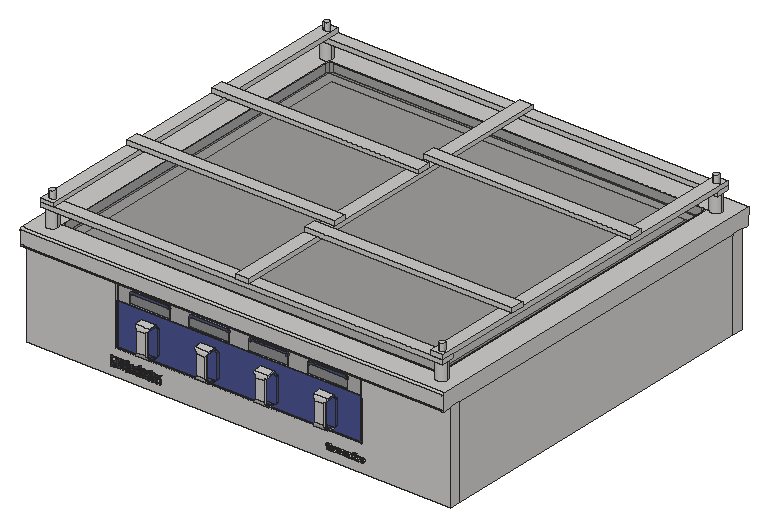
Revit family "QF_ELECTROLUXPROFESSIONAL_589844_MCIDACJODM", category Attrezzature speciali, Revit 2020 (continued)
Definition of nested family "Front_Panel_W1000_4 Knobs"
  Definition of nested family "ELX_Professional_Logo_Small"
    Forms (mm)
      Extrusion 2, solid, material <- "Material_Logo"
        sketch origin (15.5, 0, 0) x (1, 0, 0) y (0, 1, 0)
          loop
            line (-46.121, -5.837) -> (-48.039, -5.837) -> (-48.039, -10.814) -> (-47.016, -10.814) -> (-47.016, -9.128) -> (-46.121, -9.128)
            arc (-46.121, -9.128) -> (-44.476, -7.482) -> (-46.121, -5.837) r 1.645
          loop
            line (-46.163, -6.778) -> (-47.016, -6.778) -> (-47.016, -8.187) -> (-46.163, -8.187)
            arc (-46.163, -8.187) -> (-45.458, -7.482) -> (-46.163, -6.778) r 0.704
          loop
            line (-38.313, -5.837) -> (-40.265, -5.837) -> (-40.265, -10.814) -> (-39.241, -10.814) -> (-39.241, -9.1) -> (-38.46, -9.182) -> (-37.48, -10.814) -> (-36.318, -10.814) -> (-37.513, -8.848)
            arc (-37.513, -8.848) -> (-36.888, -8.266) -> (-36.671, -7.441) r 1.536
            arc (-36.671, -7.441) -> (-37.165, -6.305) -> (-38.313, -5.837) r 1.643
          loop
            arc (-38.402, -8.166) -> (-37.707, -7.505) -> (-38.334, -6.778) r 0.696
            line (-38.334, -6.778) -> (-39.241, -6.778) -> (-39.241, -8.166) -> (-38.402, -8.166)
          loop
            circle (-29.965, -8.325) r 2.585
          loop
            circle (-29.965, -8.325) r 1.64
          loop
            line (-23.1, -5.837) -> (-23.1, -10.814) -> (-22.076, -10.814) -> (-22.076, -8.768) -> (-20.204, -8.768) -> (-20.204, -7.828) -> (-22.076, -7.828) -> (-22.076, -6.778) -> (-20.024, -6.778) -> (-20.024, -5.837) -> (-23.1, -5.837)
          loop
            line (-15.802, -5.837) -> (-15.802, -9.2)
            arc (-15.802, -9.2) -> (-15.343, -10.34) -> (-14.209, -10.814) r 1.593
            line (-14.209, -10.814) -> (-12.602, -10.814) -> (-12.602, -10.027) -> (-14.004, -10.027)
            arc (-14.004, -10.027) -> (-14.552, -9.8) -> (-14.779, -9.252) r 0.775
            line (-14.779, -9.252) -> (-14.779, -8.424) -> (-12.789, -8.424) -> (-12.789, -7.642) -> (-14.779, -7.642) -> (-14.779, -6.778) -> (-12.651, -6.778) -> (-12.651, -5.837) -> (-15.802, -5.837)
          loop
            line (-5.909, -7.143) -> (-5.173, -6.638)
            arc (-5.173, -6.638) -> (-5.855, -5.974) -> (-6.781, -5.755) r 1.782
            arc (-6.781, -5.755) -> (-7.397, -5.878) -> (-7.944, -6.189) r 1.974
            arc (-7.944, -6.189) -> (-8.202, -6.5) -> (-8.317, -6.888) r 1.013
            arc (-8.317, -6.888) -> (-8.306, -7.341) -> (-8.192, -7.78) r 1.985
            arc (-8.192, -7.78) -> (-7.749, -8.259) -> (-7.171, -8.563) r 1.928
            arc (-7.171, -8.563) -> (-6.637, -8.779) -> (-6.131, -9.056) r 5.041
            arc (-6.131, -9.056) -> (-5.934, -9.387) -> (-6.09, -9.74) r 0.42
            arc (-6.09, -9.74) -> (-6.631, -9.96) -> (-7.204, -9.845) r 1.016
            arc (-7.204, -9.845) -> (-7.625, -9.603) -> (-7.889, -9.196) r 1.033
            line (-7.889, -9.196) -> (-8.67, -9.686)
            arc (-8.67, -9.686) -> (-8.361, -10.198) -> (-7.908, -10.589) r 1.914
            arc (-7.908, -10.589) -> (-7.334, -10.834) -> (-6.714, -10.896) r 2.063
            arc (-6.714, -10.896) -> (-5.947, -10.743) -> (-5.256, -10.376) r 2.696
            arc (-5.256, -10.376) -> (-4.95, -9.565) -> (-5.108, -8.712) r 1.618
            arc (-5.108, -8.712) -> (-5.448, -8.319) -> (-5.884, -8.035) r 1.876
            arc (-5.884, -8.035) -> (-6.434, -7.789) -> (-6.999, -7.577) r 9.883
            arc (-6.999, -7.577) -> (-7.325, -7.07) -> (-6.854, -6.694) r 0.45
            arc (-6.854, -6.694) -> (-6.329, -6.809) -> (-5.909, -7.143) r 1.197
          loop
            line (1.61, -7.143) -> (2.345, -6.638)
            arc (2.345, -6.638) -> (1.663, -5.974) -> (0.737, -5.755) r 1.782
            arc (0.737, -5.755) -> (0.121, -5.878) -> (-0.425, -6.189) r 1.974
            arc (-0.425, -6.189) -> (-0.683, -6.5) -> (-0.799, -6.888) r 1.013
            arc (-0.799, -6.888) -> (-0.788, -7.341) -> (-0.674, -7.78) r 1.985
            arc (-0.674, -7.78) -> (-0.231, -8.259) -> (0.347, -8.563) r 1.928
            arc (0.347, -8.563) -> (0.881, -8.779) -> (1.387, -9.056) r 5.041
            arc (1.387, -9.056) -> (1.584, -9.387) -> (1.428, -9.74) r 0.42
            arc (1.428, -9.74) -> (0.887, -9.96) -> (0.314, -9.845) r 1.016
            arc (0.314, -9.845) -> (-0.107, -9.603) -> (-0.371, -9.196) r 1.033
            line (-0.371, -9.196) -> (-1.152, -9.686)
            arc (-1.152, -9.686) -> (-0.842, -10.198) -> (-0.39, -10.589) r 1.914
            arc (-0.39, -10.589) -> (0.184, -10.834) -> (0.804, -10.896) r 2.063
            arc (0.804, -10.896) -> (1.572, -10.743) -> (2.263, -10.376) r 2.696
            arc (2.263, -10.376) -> (2.568, -9.565) -> (2.411, -8.712) r 1.618
            arc (2.411, -8.712) -> (2.07, -8.319) -> (1.635, -8.035) r 1.876
            arc (1.635, -8.035) -> (1.084, -7.789) -> (0.519, -7.577) r 9.883
            arc (0.519, -7.577) -> (0.193, -7.07) -> (0.665, -6.694) r 0.45
            arc (0.665, -6.694) -> (1.189, -6.809) -> (1.61, -7.143) r 1.197
          loop
            line (6.801, -5.837) -> (6.801, -10.814) -> (7.825, -10.814) -> (7.825, -5.837) -> (6.801, -5.837)
          loop
            circle (14.724, -8.325) r 1.548
          loop
            circle (14.724, -8.325) r 2.585
          loop
            line (21.59, -10.814) -> (22.623, -10.814) -> (22.623, -7.685) -> (24.9, -10.814) -> (25.895, -10.814) -> (25.895, -5.837) -> (24.861, -5.837) -> (24.861, -9.061) -> (22.585, -5.837) -> (21.59, -5.837) -> (21.59, -10.814)
          loop
            line (31.054, -10.814) -> (31.539, -9.74) -> (33.38, -9.74) -> (33.865, -10.814) -> (34.965, -10.814) -> (32.46, -5.837) -> (29.956, -10.814) -> (31.054, -10.814)
          loop
            line (32.46, -7.698) -> (31.999, -8.719) -> (32.921, -8.719) -> (32.46, -7.698)
          loop
            line (40.047, -9.873) -> (40.047, -5.837) -> (39.024, -5.837) -> (39.024, -10.814) -> (41.961, -10.814) -> (41.961, -9.873) -> (40.047, -9.873)
          loop
            line (-74.986, -10.814) -> (-53.322, -10.814) -> (-53.322, 10.82) -> (-74.986, 10.82) -> (-74.986, -10.814)
          loop
            line (-61.261, 9.758) -> (-61.261, -9.707)
            arc (-61.261, -9.707) -> (-54.066, 0.025) -> (-61.261, 9.758) r 10.18
          loop
            line (-62.251, 8.349) -> (-62.251, 9.758)
            arc (-62.251, 9.758) -> (-70.347, 7.918) -> (-74.247, 0.59) r 9.976
            line (-74.247, 0.59) -> (-71.026, 0.59)
            arc (-71.026, 0.59) -> (-65.274, 2.925) -> (-62.251, 8.349) r 9.351
          loop
            arc (-74.247, -0.539) -> (-70.353, -7.928) -> (-62.251, -9.957) r 10.237
            line (-62.251, -9.957) -> (-62.251, -8.298)
            arc (-62.251, -8.298) -> (-65.274, -2.874) -> (-71.026, -0.539) r 9.351
            line (-71.026, -0.539) -> (-74.247, -0.539)
        from 0 to 1.644
    Dimensions and locks
      aligned and locked: plane 2 to Extrusion 1
      aligned and locked: level to Extrusion 1
